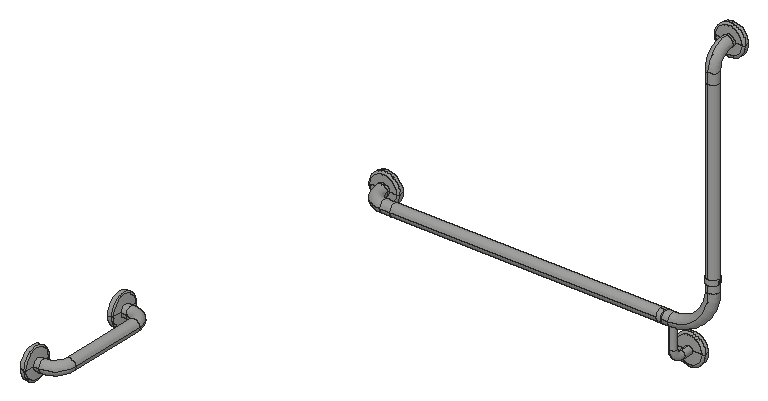
Revit family "RBA4806-300", category Plumbing Fixtures, Revit 2021
Family settings
  Round Connector Dimension = Use Diameter
  Part Type = Normal
  Work Plane-Based = No
  Always vertical = No
  Cut with Voids When Loaded = No
  Shared = No
  Room Calculation Point = No
Parameters
  Watermarked By = "www.rba.com.au"
  URL = "rba.com.au/product-category/accessible-disabled/grab-rails/"
  Phone Number = "1300 788 778"
  OFFSET = 800.00 mm
  Model = "RBA4806-300"
  Materials and Finishes = PVD Gunmetal Stainless Steel
  Manufacturer Model = ""
  Manufacturer = "RBA Group"
  Distance Away from Wall [instance] = 100.00 mm
  Distance Away from Toilet [instance] = 1090.00 mm
  Description = "LH Accessible Rail + 300mm Straight Kit | Gunmetal"
  Default Elevation = 0.00 mm
  Copyrighted by = "RBA Group"  # constant formula
  Assembly Code = ""
Reference planes
  plane 1 "Center (Front/Back)": y = 0
  plane 2: z = 0
  plane 3: x = 40.5
  plane 4: z = 800
  plane 5: z = 1500
  plane 6: x = -59.5
  plane 7: z = 700
  plane 8: x = -909.5
  plane 9: x = -1009.5
  plane 10: y = -54
  plane 11: y = -86
  plane 12: y = -1090
  plane 13: y = -1074
  plane 14: x = -954.5
  plane 15: x = -922.5
  plane 16: z = 816
  plane 17: x = 24.5
Dimensions and locks
  "OFFSET": plane 4 to plane 2
  plane 10 to plane 1 "Center (Front/Back)" = 54.00 mm
  plane 1 "Center (Front/Back)" to plane 11 = 86.00 mm
  "Distance Away from Wall": plane 9 to plane 8
  locked: plane 13 to plane 12 at 16
  "Distance Away from Toilet": plane 1 "Center (Front/Back)" to plane 12
Nested families
  nested 1: "RBA4806-901" at (-933, 0, 800), type "RBA4806-901"
  nested 2: "RBA4806-Straight-Series" at (-1009.5, -1074, 800) x (0, 1, 0) z (0, 0, 1), type "RBA4806-030"
Definition of nested family "RBA4806-901"
  Parameters (values of type "RBA4806-901")
    Watermarked By = "www.rba.com.au"
    URL = "www.rba.com.au"
    R_Void [instance] = 15.00 mm
    R [instance] = 0.00 mm
    Phone Number = ""
    Modified Issue = ""
    Model = "RBA4806-901"
    Materials and Finishes = none
    Manufacturer Model = "B819436"
    Manufacturer = "RBA Group"
    Description = "RTA Brushed Gunmetal Left Hand Single Wall 90° Rail"
    Default Elevation = 0.00 mm
    Copyrighted by = "RBA Group"  # constant formula
    Assembly Code = ""
  Reference planes
    plane 1 "Center (Front/Back)": y = 0
    plane 2: z = 0
    plane 3: x = 40.5
    plane 4: z = -30
    plane 5: z = 30
    plane 6: x = 70.5
    plane 7: x = 10.5
    plane 8: x = 990.5
    plane 9: x = 515.5
    plane 10: z = 670
    plane 11: z = 730
    plane 12: x = 960.5
    plane 13: x = 1020.5
    plane 14: z = 700
    plane 15: z = -130
    plane 16: z = -70
    plane 17: x = 910.5
    plane 18: x = 850.5
    plane 19: x = 835.5
    plane 20: z = -100
    plane 21: x = 974.5
    plane 22: z = 16
    plane 23: y = -70
    plane 24: y = -86
    plane 25: y = -54
    plane 26: y = -79.5
    plane 27: y = -60.5
  Forms (mm)
    Extrusion 1, solid, material <- "Materials and Finishes"
      sketch origin (40.5, -2.628, 315.907) x (0, 0, -1) y (-1, 0, 0)
        loop
          circle (315.907, 0) r 40
      from -0.219 to 2.628
    Revolve 2, solid, material <- "Materials and Finishes"
      sketch origin (40.5, 18.663, 0) x (0, -1, 0) y (1, 0, 0)
        loop
          line (18.663, 0) -> (18.663, -41.5) -> (27.844, -41.5)
          arc (27.844, -41.5) -> (31.337, -40.077) -> (32.842, -36.617) r 5
          line (32.842, -36.617) -> (33.701, 0) -> (18.663, 0)
        axis (18.663, 0) -> (33.701, 0)
      angle from 0 to 360
    Extrusion 3, void
      sketch origin (40.5, 34.941, 315.907) x (0, 0, -1) y (-1, 0, 0)
        loop
          circle (315.907, -30) r 5
        loop
          circle (315.907, 30) r 5
      from -37.788 to -30
    Sweep 4, solid, material <- "Materials and Finishes"
      path origin (40.5, 12.454, 0) x (0, -1, 0) y (-1, 0, 0)
        loop
          line (12.454, 0) -> (34.454, 0)
          arc (34.454, 0) -> (68.395, -14.059) -> (82.454, -48) r 48
          line (82.454, -48) -> (82.454, -76)
      profile origin (40.5, -11, 0) x (1, 0, 0) y (0, 0, 1)
        loop
          circle (0, 0) r 16
    Extrusion 5, solid, material <- "Materials and Finishes"
      sketch origin (990.5, -2.628, 1015.907) x (0, 0, -1) y (-1, 0, 0)
        loop
          circle (315.907, 0) r 40
      from -0.219 to 2.628
    Extrusion 6, void
      sketch origin (990.5, 34.941, 1015.907) x (0, 0, -1) y (-1, 0, 0)
        loop
          circle (315.907, 30) r 5
        loop
          circle (315.907, -30) r 5
      from -37.788 to -30
    Sweep 7, solid, material <- "Materials and Finishes"
      path origin (1690.5, 12.454, 700) x (0, -1, 0) y (0, 0, 1)
        loop
          line (12.454, 0) -> (34.454, 0)
          arc (34.454, 0) -> (68.395, -14.059) -> (82.454, -48) r 48
          line (82.454, -48) -> (82.454, -76)
      profile origin (1690.5, -11, 700) x (0, 0, 1) y (-1, 0, 0)
        loop
          circle (0, 700) r 16
    Revolve 8, solid, material <- "Materials and Finishes"
      sketch origin (990.5, 18.663, 700) x (0, -1, 0) y (1, 0, 0)
        loop
          line (18.663, 0) -> (33.701, 0) -> (32.842, 36.617)
          arc (32.842, 36.617) -> (31.337, 40.077) -> (27.844, 41.5) r 5
          line (27.844, 41.5) -> (18.663, 41.5) -> (18.663, 0)
        axis (18.663, 0) -> (33.701, 0)
      angle from 0 to 360
    Sweep 9, solid, material <- "Materials and Finishes"
      path origin (0, 0, 0) x (1, 0, 0) y (0, 0, 1)
        loop
          line (116.5, 0) -> (880.5, 0)
          arc (880.5, 0) -> (958.282, 32.218) -> (990.5, 110) r 110
          line (990.5, 110) -> (990.5, 624)
      profile origin (498.5, 0, 0) x (0, 0, 1) y (0, -1, 0)
        loop
          circle (0, 70) r 16
    Extrusion 10, solid, material <- "Materials and Finishes"
      sketch origin (880.5, -2.628, 215.907) x (0, 0, -1) y (-1, 0, 0)
        loop
          circle (315.907, 0) r 40
      from -0.219 to 2.628
    Revolve 11, solid, material <- "Materials and Finishes"
      sketch origin (880.5, 18.663, -100) x (0, -1, 0) y (1, 0, 0)
        loop
          line (18.663, 0) -> (18.663, -41.5) -> (27.844, -41.5)
          arc (27.844, -41.5) -> (31.337, -40.077) -> (32.842, -36.617) r 5
          line (32.842, -36.617) -> (33.701, 0) -> (18.663, 0)
        axis (18.663, 0) -> (33.701, 0)
      angle from 0 to 360
    Sweep 12, solid, material <- "Materials and Finishes"
      path origin (880.5, 12.454, -100) x (0, -1, 0) y (0, 0, -1)
        loop
          line (12.454, 0) -> (54.454, 0)
          arc (54.454, 0) -> (74.253, -8.201) -> (82.454, -28) r 28
          line (82.454, -28) -> (82.454, -100)
      profile origin (880.5, -21, -100) x (0, 0, -1) y (1, 0, 0)
        loop
          circle (0, 0) r 9.5
    Extrusion 13, void
      sketch origin (880.5, 34.941, 215.907) x (0, 0, -1) y (-1, 0, 0)
        loop
          circle (315.907, -30) r 5
        loop
          circle (315.907, 30) r 5
      from -37.788 to -30
    Extrusion 14, solid, material <- "Materials and Finishes"
      sketch origin (0, 0, 0) x (1, 0, 0) y (0, 1, 0)
        loop
          circle (990.5, -70) r 17
      from 142 to 130
    Extrusion 15, solid, material <- "Materials and Finishes"
      sketch origin (650.5, 0, 990.5) x (0, 0, -1) y (0, 1, 0)
        loop
          circle (990.5, -70) r 17
      from 210 to 198
  Cuts and joins
    Extrusion 3, Extrusion 6, Extrusion 13 cuts Extrusion 1
    Extrusion 3, Extrusion 6, Extrusion 13 cuts Revolve 2
    Extrusion 13 cuts Sweep 4
    Extrusion 6 cuts Revolve 8
    Extrusion 13 cuts Revolve 11
    joined: Revolve 2, Sweep 4, Sweep 7, Revolve 8, Sweep 9, Revolve 11, Sweep 12
    Extrusion 6 cuts Extrusion 5
    Extrusion 13 cuts Extrusion 10
  Dimensions and locks
    Revolve 2 sketch curve to Revolve 2 sketch curve = 41.50 mm
    plane 5 to level to plane 4 = 30.00 mm, 30.00 mm
    plane 7 to plane 6 = 60.00 mm
    plane 11 to plane 10 = 60.00 mm
    plane 12 to plane 13 = 60.00 mm
    Revolve 8 sketch curve to Revolve 8 sketch curve = 41.50 mm
    Revolve 11 sketch curve to Revolve 11 sketch curve = 41.50 mm
    plane 16 to plane 15 = 60.00 mm
    plane 18 to plane 17 = 60.00 mm
    level to plane 20 = 100.00 mm
    plane 14 to level = 700.00 mm
    plane 8 to plane 19 = 155.00 mm
    plane 8 to plane 3 = 950.00 mm
    radius of Extrusion 1 sketch curve = 40.00 mm
    radius of Sweep 4 sketch curve = 16.00 mm
    radius of Extrusion 5 sketch curve = 40.00 mm
    radius of Sweep 7 sketch curve = 16.00 mm
    radius of Extrusion 10 sketch curve = 40.00 mm
    radius of Sweep 12 sketch curve = 9.50 mm
    aligned and locked: Revolve 2 to Extrusion 1
    aligned and locked: Revolve 11 to Extrusion 10
Definition of nested family "RBA4806-Straight-Series"
  Parameters (values of type "RBA4806-045")
    Watermarked By = "www.rba.com.au"
    URL = "www.rba.com.au"
    Phone Number = ""
    OFFSET [instance] = 800.00 mm
    Modified Issue = "20191004.01"
    Model = "RBA4000-045"
    Materials & Finishes = none
    Manufacturer = "RBA Group"  # constant formula
    Lgth = 450.00 mm
    Diameter = 32.00 mm
    Description = "Straight Grab Rail 450mm"
    Default Elevation = 0.00 mm
    Copyright by = "RBA Group"  # constant formula
  Types (9, lengths in mm): name | URL | Phone Number | Modified Issue | Model | Lgth | Description
    RBA4806-030 | "www.rba.com.au" | "" | "20190510.1" | "RBA4000-030" | 300.00 | "Straight Grab Rail 300mm"
    RBA4806-045 | "www.rba.com.au" | "" | "20191004.01" | "RBA4000-045" | 450.00 | "Straight Grab Rail 450mm"
    RBA4806-060 | "www.rba.com.au" | "" | "" | "RBA4806-Straight-Series" | 600.00 | "RTA SSS Straight Grabrail"
    RBA4806-070 | "www.rba.com.au" | "" | "20191004.01" | "RBA4000-075" | 700.00 | "Straight Grab Rail 750mm"
    RBA4806-090 | "www.rba.com.au" | "" | "20191004.01" | "RBA4000-090" | 900.00 | "Straight Grab Rail 900mm"
    RBA4806-080 | "http://www.rba.com.au/accessible-disabled/grab-rails" | "1300 788 778" | "20191004.01" | "RBA4000-080" | 800.00 | "Straight Grab Rail 800mm"
    RBA4806-100 | "http://www.rba.com.au/accessible-disabled/grab-rails" | "1300 788 778" | "20191004.01" | "RBA4000-100" | 1000.00 | "Straight Grab Rail 1000mm"
    RBA4806-120 | "http://www.rba.com.au/accessible-disabled/grab-rails" | "1300 788 778" | "20191004.01" | "RBA4000-120" | 1200.00 | "Straight Grab Rail 1200mm"
    RBA4806-040 | "www.rba.com.au" | "" | "20191108.1" | "RBA4000-040" | 400.00 | "Straight Grab Rail 400mm"
  Reference planes
    plane 1 "Center (Front/Back)": y = 0
    plane 2: z = 0
    plane 3 "Center (Left/Right)": x = 0
    plane 4: x = 0
    plane 5: x = 0
    plane 6: y = -57
    plane 7: y = -89
    plane 8: x = 450
    plane 9: z = 16
    plane 10: z = -16
  Forms (mm)
    Sweep 1, solid, material <- "Materials & Finishes"
      path origin (-273.954, -750, 0) x (0, -1, 0) y (1, 0, 0)
        loop
          line (-740, 723.954) -> (-719, 723.954)
          arc (-719, 723.954) -> (-690.716, 712.239) -> (-679, 683.954) r 40
          line (-679, 683.954) -> (-679, 313.954)
          arc (-679, 313.954) -> (-690.716, 285.67) -> (-719, 273.954) r 40
          line (-719, 273.954) -> (-740, 273.954)
      profile origin (225, -71, 0) x (0, -1, 0) y (0, 0, 1)
        loop
          circle (0, 0) r 16
    Extrusion 2, solid, material <- "Materials & Finishes"
      sketch origin (62.5, -2.628, -315.907) x (0, 0, 1) y (1, 0, 0)
        loop
          circle (315.907, -62.5) r 40
      from -0.206 to 2.628
    Revolve 3, solid, material <- "Materials & Finishes"
      sketch origin (62.5, 18.663, 0) x (-1, 0, 0) y (0, -1, 0)
        loop
          line (62.5, 18.663) -> (104, 18.663) -> (104, 28.968)
          arc (104, 28.968) -> (103.207, 31.014) -> (101.243, 31.992) r 3.037
          arc (101.243, 31.992) -> (81.892, 33.334) -> (62.5, 33.781) r 420.249
          line (62.5, 33.781) -> (62.5, 18.663)
        axis (62.5, 18.663) -> (62.5, 33.781)
      angle from 0 to 360
    Extrusion 4, void
      sketch origin (62.704, 34.941, -270.785) x (-0.515038, 0, 0.857167) y (0.857167, 0, 0.515038)
        loop
          circle (248.952, 111.432) r 4.75
        loop
          circle (279.854, 60.002) r 4.75
      from -37.775 to -34.941
    Extrusion 5, solid, material <- "Materials & Finishes"
      sketch origin (237.5, -2.628, -315.907) x (0, 0, 1) y (1, 0, 0)
        loop
          circle (315.907, 212.5) r 40
      from -0.206 to 2.628
    Revolve 6, solid, material <- "Materials & Finishes"
      sketch origin (237.5, 18.663, 0) x (-1, 0, 0) y (0, -1, 0)
        loop
          line (-212.5, 18.663) -> (-212.5, 33.781)
          arc (-212.5, 33.781) -> (-231.892, 33.334) -> (-251.243, 31.992) r 420.249
          arc (-251.243, 31.992) -> (-253.207, 31.014) -> (-254, 28.968) r 3.037
          line (-254, 28.968) -> (-254, 18.663) -> (-212.5, 18.663)
        axis (-212.5, 18.663) -> (-212.5, 33.781)
      angle from 0 to 360
    Extrusion 7, void
      sketch origin (362.704, 34.941, -270.785) x (-0.515038, 0, 0.857167) y (0.857167, 0, 0.515038)
        loop
          circle (202.599, 188.577) r 4.75
        loop
          circle (171.696, 240.007) r 4.75
      from -37.775 to -34.941
  Cuts and joins
    Extrusion 7 cuts Sweep 1
    Extrusion 4, Extrusion 7 cuts Extrusion 2
    Extrusion 4, Extrusion 7 cuts Revolve 3
    Extrusion 7 cuts Extrusion 5
    Extrusion 7 cuts Revolve 6
    joined: Sweep 1, Extrusion 2, Revolve 3, Extrusion 5, Revolve 6
  Dimensions and locks
    "Lgth": plane 3 "Center (Left/Right)" to plane 8
    radius of Sweep 1 sketch curve = 16.00 mm
    aligned and locked: level to plane 2
    aligned and locked: Revolve 3 to Extrusion 2
    aligned and locked: Extrusion 2 to Extrusion 4
    aligned and locked: Revolve 6 to Extrusion 5
  Automatic sketch dimensions
    Sweep 1 sketch curve to plane 8 = 0.00 mm
    Sweep 1 sketch curve to plane 3 "Center (Left/Right)" = 0.00 mm
    plane 6 to Sweep 1 sketch curve = 26.00 mm  (x2)
    Sweep 1 sketch curve to plane 6 = 14.00 mm
    plane 1 "Center (Front/Back)" to Sweep 1 sketch curve = 10.00 mm  (x2)
    Sweep 1 sketch curve to profile plane = 0.00 mm  (x2)
    Extrusion 2 sketch curve to level = 0.00 mm
    Extrusion 2 sketch curve to plane 3 "Center (Left/Right)" = 0.00 mm
    plane 1 "Center (Front/Back)" to Revolve 3 sketch curve = 0.00 mm
    Revolve 3 sketch curve to plane 3 "Center (Left/Right)" = 0.00 mm  (x2)
    plane 1 "Center (Front/Back)" to Revolve 3 sketch curve = 10.305 mm
    Revolve 3 sketch curve to plane 3 "Center (Left/Right)" = 38.463 mm
    Revolve 3 sketch curve to Revolve 3 sketch curve = 3.037 mm
    Revolve 3 sketch curve to plane 1 "Center (Front/Back)" = 405.131 mm
    Revolve 3 sketch curve to Revolve 3 sketch curve = 15.118 mm
    Revolve 3 sketch curve to plane 1 "Center (Front/Back)" = 21.537 mm
    Revolve 3 sketch curve to Revolve 3 sketch curve = 0.00 mm
    plane 6 to Revolve 3 sketch curve = 13.537 mm
    Extrusion 5 sketch curve to level = 0.00 mm
    plane 8 to Extrusion 5 sketch curve = 0.00 mm
    plane 1 "Center (Front/Back)" to Revolve 6 sketch curve = 0.00 mm
    Revolve 6 sketch curve to plane 8 = 0.00 mm  (x2)
    plane 1 "Center (Front/Back)" to Revolve 6 sketch curve = 10.305 mm
    Revolve 6 sketch curve to plane 8 = 38.463 mm
    Revolve 6 sketch curve to Revolve 6 sketch curve = 3.037 mm
    Revolve 6 sketch curve to plane 1 "Center (Front/Back)" = 405.131 mm
    Revolve 6 sketch curve to Revolve 6 sketch curve = 15.118 mm
    Revolve 6 sketch curve to plane 1 "Center (Front/Back)" = 21.537 mm
    Revolve 6 sketch curve to Revolve 6 sketch curve = 0.00 mm
    plane 6 to Revolve 6 sketch curve = 13.537 mm
    Extrusion 7 sketch curve to level = 0.00 mm  (x2)
    Extrusion 7 sketch curve to plane 8 = 30.00 mm
    Extrusion 7 sketch curve to Extrusion 7 sketch curve = 30.902 mm
    Extrusion 4 sketch curve to level = 0.00 mm  (x2)
    plane 3 "Center (Left/Right)" to Extrusion 4 sketch curve = 30.00 mm
    Extrusion 4 sketch curve to Extrusion 4 sketch curve = 30.902 mm
    radius of Extrusion 2 sketch curve = 40.00 mm
    radius of Extrusion 5 sketch curve = 40.00 mm
    radius of Extrusion 7 sketch curve = 4.75 mm  (x2)
    radius of Extrusion 4 sketch curve = 4.75 mm  (x2)
